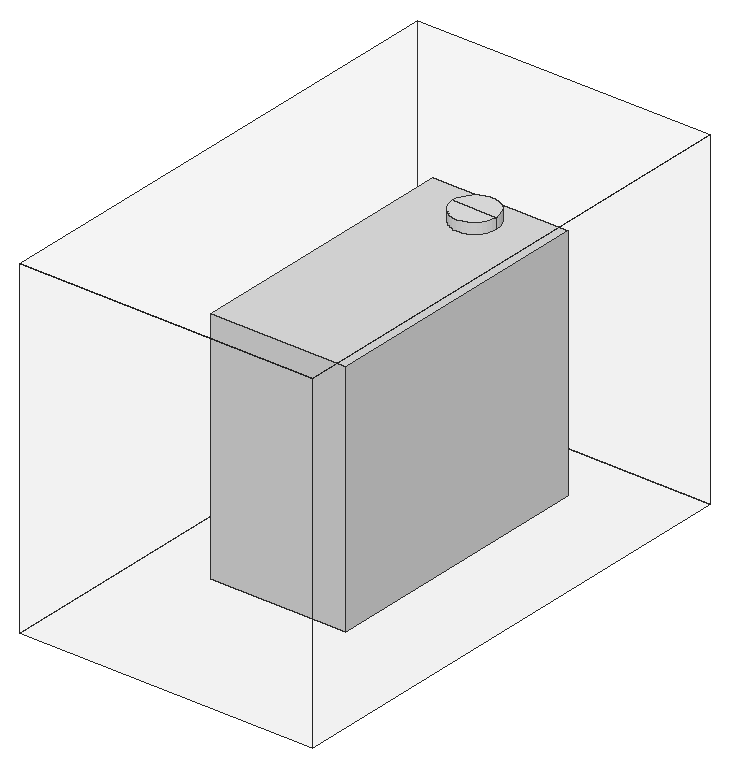
Revit family "1354887957SUPAflo_SF66_LOD200", category Mechanical Equipment, Revit 2014
Parameters (values of type "SF66")
  Weekly = ""
  Water Treatment Required = yes
  Water Content = 75.00 L  # constant formula
  Warranty ID = ""
  WRAS Approval = "1011037"  # constant formula
  Voltage = 230 V  # constant formula
  URL = "http://www.andrewswaterheaters.co.uk/index.htm"
  Type = "Direct Gas Fired Instaneous Water Heater"  # constant formula
  Text Material = Paint - Black
  Supply Phase = "Single Phase"  # constant formula
  Starting Current = 1.75 A  # constant formula
  Standing Loss W = "0.14"  # constant formula
  Sound Pressure Level dBA = "59"  # constant formula
  Siphon Bush Pipe Diameter = 19.000 mm
  Shipping Weight = 620.00 kg  # constant formula
  Shape = "Rectangular (Horizontal)"  # constant formula
  Secondary Return Connection Type = "Other"  # constant formula
  Secondary Return Connection Size = 0.000 mm  # constant formula
  Safety Valve Connection Type = "Other"  # constant formula
  Safety Valve Connection Size = 0.000 mm  # constant formula
  Responsible Sourcing of Materials = ""
  Responsible Extraction Of Material = ""
  Reference Standard = "BSE 26"  # constant formula
  Recovery Rate litre/min = "135"  # constant formula
  Rated Output kW = "61"
  Rated Criteria = "80/60"  # constant formula
  Quarterly = ""
  Product Range = "SUPAflo Range"  # constant formula
  Product Model Number = "1109044"
  Product Literature = "http://www.andrewswaterheaters.co.uk/downloads/Product_range_guide.pdf"
  Overall Width [instance] = 770.000 mm  # constant formula
  Overall Length [instance] = 1585.000 mm  # constant formula
  Overall Height [instance] = 1440.000 mm  # constant formula
  Oil Consumption Rate l/h = ""
  O&M Manual = "http://www.andrewswaterheaters.co.uk/literature-library/current-products.htm"
  Nominal Oil Inlet Pressure mbar = "0"  # constant formula
  Nominal Gas Inlet Pressure = "21 mbar"  # constant formula
  NOx Emissions mg = 35 kWh  # constant formula
  Mounting = "Floor Standing"  # constant formula
  Monthly = ""
  Model = "SF66"
  Minimum Power Consumption = 380 W  # constant formula
  Minimum Oil Inlet Pressure mbar = "0"  # constant formula
  Minimum Gas Inlet Pressure mbar = "18"  # constant formula
  Min Operating Pressure = 1.00 bar  # constant formula
  Maximum Water Temperature = 75 °C  # constant formula
  Maximum Power Consumption = 35 W  # constant formula
  Maximum Oil Inlet Pressure mbar = "0"  # constant formula
  Maximum Gas Inlet Pressure mbar = "50"  # constant formula
  Max Operating Pressure When Unvented = 3.50 bar  # constant formula
  Max Operating Pressure When Open Vented = 6.00 bar  # constant formula
  Material Ingredient Reporting = ""
  Manufacturer = "Andrews Water Heaters"  # constant formula
  Maintenance Required 8001-12000hrs = ""
  Maintenance Required 601-1000hrs = ""
  Maintenance Required 40001-8000hrs = ""
  Maintenance Required 301-600hrs = ""
  Maintenance Required 2001-4000hrs = ""
  Maintenance Required 1001-2000hrs = ""
  Maintenance Required 0-300hrs = ""
  Location of Manufacturer-GridRef = ""
  Life Cycle Analysis = ""
  Interlocks = yes
  Insulation Type = "Integral Thermal Insulation"  # constant formula
  Insulation Thickness = 0.000 mm  # constant formula
  Instrument Box Panel = Metal - Polished Silver
  IP Rating = "20"  # constant formula
  IK Rating = "1.75"  # constant formula
  Heating Circuit Flow Diameter = 32.000 mm
  Heater Operation = "Fully Condensing"  # constant formula
  Heat Up Time mins = "1"  # constant formula
  Heat Generator Thermal Efficiency = 1.06  # 106%
  Heat Generator Load Profile = ""
  Heat Generator Efficiency = "98%"  # constant formula
  Heat Exchanger Material = Stainless Steel
  Gross Weight = 590.00 kg  # constant formula
  Gross Input = "485 kW"  # constant formula
  Green Guide for Specification = ""
  Gas Consumption rate = 44.5 m³/h  # constant formula
  Gas Connection Pipe Diameter = 19.000 mm
  Fuse Rating = 200 A  # constant formula
  Full Load Current = 10 A  # constant formula
  Fuel Type = "Gas - NG"  # constant formula
  Fuel Connection Size = 38.100 mm  # constant formula
  Frequency = 50 Hz  # constant formula
  Flue or Air Intake Classification = "B23, C33, C43, C53, C63 & C83"  # constant formula
  Flue Connection Type = "Socket"  # constant formula
  Flue Connection Standard = "250 mm"  # constant formula
  Flow and Return Connection Type = "Threaded"  # constant formula
  Flow and Return Connection Size Note = "DN65 - PN16"  # constant formula
  Flow and Return Connection Size = 50.800 mm  # constant formula
  Finish = "Powder Coated Steel"  # constant formula
  Features = "Premix Forced Draught Condensing Water Heater"  # constant formula
  External Material = Steel
  Expected Life = ""
  ErP Energy Label ERP = ""
  Environmental Product Declaration = ""
  Energy Technology List ETL = ""
  Embodied Carbon kgCO2e = ""
  Drain Connection Type = "Other"  # constant formula
  Drain Connection Size = 0.000 mm  # constant formula
  Description = "Condensing Boiler"  # constant formula
  Default Elevation = 0.000 mm  # constant formula
  Daily = ""
  Control Type = "Internal"  # constant formula
  Control ThermostatRange = 40 °C
  Control Thermostat Range Note = "40°C - 75°C"  # constant formula
  Control Options = "Modulating"  # constant formula
  Continuous Output at 50 Degree Differential l/h = "8130"
  Continuous Output at 44 Degree Differential l/h = "9250"
  Configuration = "Single Boiler"  # constant formula
  Condensate Drain Type = "Plain"  # constant formula
  Condensate Drain Size = 22.000 mm  # constant formula
  Colour = "Blue (RAL 5011) & White (RAL 9016)"  # constant formula
  Clearence Box = Glass - Clear - Amber
  Clearance Box Visibility [instance] = yes
  Clean Out and Inspection Opening Type = "Other"  # constant formula
  Clean Out Cover and Inspection Opening Size = ""
  CE Approval = "Yes - 0063BS3840"  # constant formula
  Burner Control Type = "Modulating"  # constant formula
  Bespoke Timeframe = ""
  BMS Links = yes
  Assembly Code = "D3020100"
  Annually = "As per attached URL O & M Manual"  # constant formula
  Air Supply = yes
  Air Intake Connector = "Air Intake Connection"  # constant formula
  Air Inlet Connection Size = 200.000 mm  # constant formula
  Access Clearance Top = 450.000 mm  # constant formula
  Access Clearance Right = 450.000 mm  # constant formula
  Access Clearance Rear = 450.000 mm  # constant formula
  Access Clearance Left = 450.000 mm  # constant formula
  Access Clearance Front = 800.000 mm  # constant formula
  Access Clearance Bottom = 0.000 mm  # constant formula
  6 Monthly = ""
Reference planes
  plane 1 "Center (Front/Back)": y = 0
  plane 2: z = 0
  plane 3 "Center (Left/Right)": x = 0
  plane 4: z = 0
  plane 5: x = -385
  plane 6: x = 385
  plane 7: y = 792.5
  plane 8: y = -792.5
  plane 9: z = 1440
  plane 10: z = 720
  plane 11: z = 1890
  plane 12: z = 0
  plane 13: x = -835
  plane 14: x = 835
  plane 15: y = 1242.5
  plane 16: y = -1592.5
Forms (mm)
  Sweep 1, solid, material "Glass - Clear - Amber" <- "Clearence Box", visible <- "Clearance Box Visibility"
    path origin (-479.663, 637.513, 1117.176) x (1, 0, 0) y (0, 0, 1)
      loop
        line (479.663, 772.824) -> (479.663, -1117.176)
    profile origin (0, 637.513, 945) x (0, -1, 0) y (1, 0, 0)
      loop
        line (-604.987, -835) -> (2230.013, -835) -> (2230.013, 835) -> (-604.987, 835) -> (-604.987, -835)
Dimensions and locks
  equal spacing: plane 7, plane 1 "Center (Front/Back)", plane 8
  "Overall Length": plane 7 to plane 8
  equal spacing: plane 5, plane 3 "Center (Left/Right)", plane 6
  "Overall Width": plane 5 to plane 6
  "Overall Height": plane 9 to level
  equal spacing: plane 9, plane 10, level
  "Access Clearance Top": plane 11 to plane 9
  "Access Clearance Bottom": level to plane 12
  "Access Clearance Left": plane 5 to plane 13
  "Access Clearance Right": plane 6 to plane 14
  "Access Clearance Front": plane 16 to plane 8
  "Access Clearance Rear": plane 15 to plane 7
  aligned and locked: level to plane 2
  aligned and locked: plane 11 to Sweep 1 sketch curve
  aligned and locked: plane 12 to Sweep 1 sketch curve
  aligned and locked: Sweep 1 sketch curve to plane 3 "Center (Left/Right)"
  aligned and locked: Sweep 1 sketch curve to plane 13
  aligned and locked: Sweep 1 sketch curve to plane 16
  aligned and locked: plane 14 to Sweep 1 sketch curve
  aligned and locked: nested 1 to plane 7
  aligned and locked: plane 3 "Center (Left/Right)" to nested 1
  aligned and locked: Sweep 1 sketch curve to plane 15
Nested families
  nested 1: "1354888001SUPAflo_SF66_LOD200" at (0, 792.5, 0), type "1354888001SUPAflo_SF66_LOD200"
Connectors
  electrical at (212, 794.5, 1410), driven by "Voltage", driven by "Maximum Power Consumption"
    settings: on nested 1, index 1, voltage 230 V, apparent load 35 VA, apparent load phase1 0 VA, apparent load phase2 0 VA, apparent load phase3 0 VA, power factor 1, load classification "Power", number of poles 1, system type 30, power factor state 1, is connector primary yes, connector utility yes, sub classification motor yes, connector description "Electrical Connection"
  piping at (-0.024, 605, 1499.95), diameter 250
    settings: on nested 1, index 2, connector inside diameter 609.600 mm, connector length 0.000 mm, flow factor 0, pipe flow 0 GPM, pressure drop 0.00 bar, fitting loss kfactor 0, connector angle 0.00°, fixture units 0, engagement length 0.000 mm, angle of deflection 0.00°, flow configuration 0, flow direction 2, fitting loss method 0, system type 7, joint type 0, gender type 0, connector reference index -1, connector utility 1, adjustable connector no, is connector primary yes, connector description "Flue Gas Outlet"
  piping at (-260, 863, 1200), diameter 200
    settings: on nested 1, index 3, connector inside diameter 609.600 mm, connector length 0.000 mm, flow factor 0, pipe flow 0 GPM, pressure drop 0.00 bar, fitting loss kfactor 0, connector angle 0.00°, fixture units 0, engagement length 0.000 mm, angle of deflection 0.00°, flow configuration 0, flow direction 1, fitting loss method 0, system type 7, joint type 0, gender type 0, connector reference index -1, connector utility 1, adjustable connector no, is connector primary no, connector description "Air Intake"
  piping at (309.671, 844, 1172.5), diameter 19.05
    settings: on nested 1, index 4, connector inside diameter 609.600 mm, connector length 0.000 mm, flow factor 0, pipe flow 0 GPM, pressure drop 0.00 bar, fitting loss kfactor 0, connector angle 0.00°, fixture units 0, engagement length 0.000 mm, angle of deflection 0.00°, flow configuration 0, flow direction 1, fitting loss method 0, system type 7, joint type 0, gender type 0, connector reference index -1, connector utility 1, adjustable connector no, is connector primary no, connector description "Gas Supply"
  piping at (245, 907.5, 903), diameter 50.8
    settings: on nested 1, index 5, connector inside diameter 609.600 mm, connector length 0.000 mm, flow factor 0, pipe flow 0 GPM, pressure drop 0.00 bar, fitting loss kfactor 0, connector angle 0.00°, fixture units 0, engagement length 0.000 mm, angle of deflection 0.00°, flow configuration 0, flow direction 1, fitting loss method 0, system type 7, joint type 0, gender type 0, connector reference index -1, connector utility 1, adjustable connector no, is connector primary no, connector description "Water Supply"
  piping at (245, 907.5, 490.041), diameter 50.8
    settings: on nested 1, index 6, connector inside diameter 609.600 mm, connector length 0.000 mm, flow factor 0, pipe flow 0 GPM, pressure drop 0.00 bar, fitting loss kfactor 0, connector angle 0.00°, fixture units 0, engagement length 0.000 mm, angle of deflection 0.00°, flow configuration 0, flow direction 2, fitting loss method 0, system type 8, joint type 0, gender type 0, connector reference index -1, connector utility 1, adjustable connector no, is connector primary no, connector description "Water Return"
Definition of nested family "1354888001SUPAflo_SF66_LOD200"
  Parameters (values of type "1354888001SUPAflo_SF66_LOD200")
    Weight (Full) (kg) = 665
    URL = "http://www.andrewswaterheaters.co.uk/products_details.php?product=supaflo"
    Power Consumption (W) = 650
    Model = "SUPAflo SF66"
    Manufacturer = "Andrews Water Heaters"
    Hot Water Recovery (Thru 50ºC) (Litres/Hour) = 8310
    Efficiency (Gross) (%) = 93.6
    Description = "Condensing Water Heater"
  Reference planes
    plane 1 "Center (Front/Back)": y = 0
    plane 2: z = 0
    plane 3 "Center (Left/Right)": x = 0
    plane 4: y = 0
    plane 5: y = -1585
  Forms (mm)
    Revolve 1, solid, material "Andrews SUPAflo - Steel"
      sketch origin (-0.024, -187.5, 2.7) x (1, 0, 0) y (0, 0, 1)
        loop
          line (0, 1497.25) -> (-125, 1497.25) -> (-125, 1437.3) -> (0, 1437.3) -> (0, 1497.25)
        axis (0, 1497.25) -> (0, 1437.3)
      angle from 0 to 360
    Extrusion 2, solid, material "Andrews SUPAflo - Body"
      sketch origin (505, -480, 0) x (1, 0, 0) y (0, 1, 0)
        loop
          line (-120, -1105) -> (-120, 478) -> (-890, 478) -> (-890, -1105) -> (-120, -1105)
      from 85 to 1440
    Revolve 3, solid, material "Andrews SUPAflo - Steel"
      sketch origin (50.743, 0, 1172.5) x (1, 0, 0) y (0, 1, 0)
        loop
          line (258.927, 51.5) -> (258.927, -2) -> (278.927, -2) -> (278.927, 51.5) -> (258.927, 51.5)
        axis (258.927, 51.5) -> (258.927, -2)
      angle from 0 to 360
    Revolve 4, solid, material "Andrews SUPAflo - Steel"
      sketch origin (-105.002, -21, 610.9) x (1, 0, 0) y (0, 1, 0)
        loop
          line (-97.498, 19) -> (-97.498, 136) -> (-129.998, 136) -> (-129.998, 83) -> (-129.998, 19) -> (-97.498, 19)
        axis (-129.998, 136) -> (-129.998, 19)
      angle from 0 to 360
    Revolve 5, solid, material "Andrews SUPAflo - Steel"
      sketch origin (245, -4, 2) x (0, 1, 0) y (0, 0, 1)
        loop
          line (2, 933.5) -> (2, 901) -> (119, 901) -> (119, 933.5) -> (2, 933.5)
        axis (119, 901) -> (2, 901)
      angle from 0 to 360
    Revolve 6, solid, material "Andrews SUPAflo - Steel"
      sketch origin (245, -4, -410.959) x (0, 1, 0) y (0, 0, 1)
        loop
          line (2, 933.5) -> (2, 901) -> (119, 901) -> (119, 933.5) -> (2, 933.5)
        axis (119, 901) -> (2, 901)
      angle from 0 to 360
    Revolve 7, solid, material "Andrews SUPAflo - Steel"
      sketch origin (-36.502, 0, 1200) x (1, 0, 0) y (0, 1, 0)
        loop
          line (-123.498, 70.5) -> (-223.498, 70.5) -> (-223.498, -2) -> (-123.498, -2) -> (-123.498, 70.5)
        axis (-223.498, 70.5) -> (-223.498, -2)
      angle from 0 to 360
  Dimensions and locks
    aligned and locked: level to plane 2
